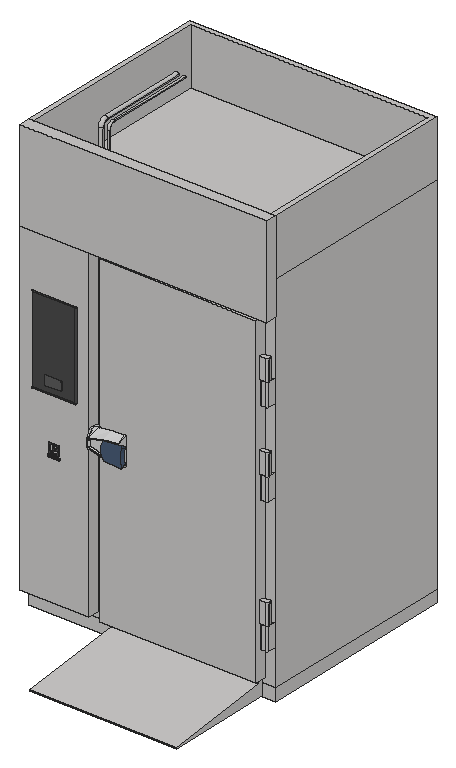
Revit family "QF_ELECTROLUXPROFESSIONAL_727748_EBFA22RDFE", category Specialty Equipment, Revit 2018
Family settings
  Round Connector Dimension = Use Diameter
  Part Type = Normal
  Work Plane-Based = No
  Always vertical = Yes
  Cut with Voids When Loaded = No
  Shared = Yes
  Room Calculation Point = No
Parameters
  Weight = 0.00 kg
  Watts = 0 W
  Volts = 380 V
  URL Manufacturer = "http://professional.electrolux.com"
  URL = "http://professional.electrolux.com"
  Steam Supply Size = 0"
  Steam Supply Minimum Pressure = 0.00 psi
  Steam Supply Maximum Pressure = 0.00 psi
  Steam Pounds per Hour = 0
  Show Logo [instance] = yes
  Refrigeration Suction Line Size = 0"
  Refrigeration Liquid Line Size = 0"
  Refrigerant Compressor Remote = yes
  Phase = 3
  Model = "EBFA22RDFE"
  Manufacturer = "Electrolux"
  Length Actual = 1400 mm  # constant formula
  Item Number = "727748"
  Hot Water Size = 0"
  Height Actual = 2340 mm  # constant formula
  HP = "8.6 HP"
  Gas Size = 0"
  Gas KW = 0
  Gas Input Pressure = 0.0 Btu/h
  Direct Waste Size = 3/4"
  Description = "SKYLINE CHILLS BLAST CHILLER FREEZER 200/170KG 20 GN 2/1 - ROLL-IN - DISASSEMBLED - INSULATED FLOOR - RAMP -REM.REF.UNIT"
  Depth Actual = 1266 mm  # constant formula
  Cycle = 60 Hz
  Condensate Return Size = 0"
  Compressed Air Volume = 0 GPM
  Compressed Air Size = 0"
  Compressed Air Pressure = 0.00 psi
  Cold Water Size = 0"
  Assembly Code = ""
  Show Clearance [instance] = yes
  Accessory = yes
Reference planes
  plane 1 "BACK": y = 1
  plane 2: z = 0
  plane 3 "LEFT": x = 0
  plane 4 "RIGHT": x = 1400
  plane 5 "FRONT": y = -1205
  plane 6 "TOP": z = 2470
  plane 7 "Center Y": x = 700
  plane 8 "Center X": y = -602
  plane 9: y = -2155
Forms (mm)
  Extrusion 1, solid, material "QF_Clearance", visible <- "Show Clearance", detail levels coarse
    sketch origin (0, 0, 0) x (1, 0, 0) y (0, 1, 0)
      loop
        line (0, -1205) -> (0, 1) -> (1400, 1) -> (1400, -1205) -> (1500, -1205) -> (1500, 101) -> (-100, 101) -> (-100, -1205) -> (0, -1205)
    from 0 to 2670
  Extrusion 2, solid, material "QF_Finishes_Stainless Steel"
    sketch origin (349.253, 33, 700.991) x (-1, 0, 0) y (0, -1, 0)
      loop
        line (349.253, 1172.759) -> (349.253, 1238) -> (-39.747, 1238) -> (-39.747, 1172.759) -> (349.253, 1172.759)
    from -597 to 1254
  Extrusion 3, solid, material "QF_Finishes_Stainless Steel"
    sketch origin (596.16, 27.971, 0) x (1, 0, 0) y (0, 1, 0)
      loop
        line (743.84, -1172.971) -> (-141.16, -1172.971) -> (-141.16, -1232.971) -> (743.84, -1232.971) -> (743.84, -1172.971)
    from 103.991 to 1945.25
  Extrusion 4, solid, material "QF_Door-Drawer Clearances", visible <- "Show Clearance", detail levels coarse
    sketch origin (875, -72.029, -21.802) x (-1, 0, 0) y (0, -1, 0)
      loop
        line (-465, 2025.971) -> (-465, 1132.971) -> (420, 1132.971)
        arc (420, 1132.971) -> (153.836, 1754.227) -> (-465, 2025.971) r 920
    from 125.793 to 1967.052
  Extrusion 5, solid, material "QF_Finishes_Stainless Steel"
    sketch origin (0, 0, 0) x (0, 1, 0) y (0, 0, 1)
      loop
        line (-1158.451, 70.453) -> (-1741.451, 1.966) -> (-1741.451, 0) -> (-1158.451, 0) -> (-1158.451, 70.453)
    from 485 to 1320
  Extrusion 6, solid, material "QF_Finishes_Stainless Steel"
    sketch origin (0, 0, 0) x (0, 1, 0) y (0, 0, 1)
      loop
        line (-1139, 70) -> (-1139, 0) -> (1, 0) -> (1, 70) -> (-1139, 70)
    from 0 to 1400
  Extrusion 7, solid, material "QF_Finishes_Stainless Steel"
    sketch origin (0, -1139.759, 70) x (0, 1, 0) y (-1, 0, 0)
      loop
        line (1140.759, 0) -> (0.759, 0) -> (0.759, -1400) -> (1140.759, -1400) -> (1140.759, 0)
    from 0 to 2080
  Extrusion 8, solid, material "QF_Finishes_Stainless Steel"
    sketch origin (0, 0, 0) x (0, 1, 0) y (0, 0, 1)
      loop
        line (-1139, 2470) -> (-1205, 2470) -> (-1205, 1956) -> (-1139, 1956) -> (-1139, 2470)
    from 0 to 1400
  Extrusion 9, solid, material "QF_Finishes_Stainless Steel"
    sketch origin (0, -1139.759, 2150) x (0, 1, 0) y (-1, 0, 0)
      loop
        line (1140.759, 0) -> (0.759, 0) -> (0.759, -27.807) -> (1112.952, -27.807) -> (1112.952, -1372.193) -> (0.759, -1372.193) -> (0.759, -1400) -> (1140.759, -1400) -> (1140.759, 0)
    from 0 to 320
  Extrusion 10, solid, material "QF_Finishes_Stainless Steel"
    sketch origin (0, 0, 0) x (0, 1, 0) y (0, 0, 1)
      loop
        line (-1139, 92) -> (-1158.451, 92) -> (-1158.451, 0) -> (-1139, 0) -> (-1139, 92)
    from 485 to 1320
  Extrusion 11, solid, material "QF_Clearance", visible <- "Show Clearance", detail levels coarse
    sketch origin (0, 0, 2470) x (-1, 0, 0) y (0, -1, 0)
      loop
        line (0, 1205) -> (-1400, 1205) -> (-1400, -1) -> (0, -1) -> (0, 1205)
    from 0 to 200
  Extrusion 12, solid, material "QF_Finishes_Stainless Steel"
    sketch origin (-390.239, -0.977, 1242.559) x (1, 0, 0) y (0, 1, 0)
      loop
        line (1730.239, -1159.557) -> (1730.239, -1186.759) -> (1771.078, -1186.759)
        arc (1771.078, -1186.759) -> (1778.149, -1183.83) -> (1781.078, -1176.759) r 10
        line (1781.078, -1176.759) -> (1781.078, -1169.557)
        arc (1781.078, -1169.557) -> (1778.149, -1162.486) -> (1771.078, -1159.557) r 10
        line (1771.078, -1159.557) -> (1730.239, -1159.557)
    from 398 to 516
  Extrusion 13, solid, material "QF_Finishes_Stainless Steel"
    sketch origin (-388.989, -0.977, 1242.559) x (1, 0, 0) y (0, 1, 0)
      loop
        line (1779.828, -1138.023) -> (1738.215, -1138.023) -> (1738.215, -1176.759)
        arc (1738.215, -1176.759) -> (1741.143, -1183.83) -> (1748.215, -1186.759) r 10
        line (1748.215, -1186.759) -> (1769.828, -1186.759)
        arc (1769.828, -1186.759) -> (1776.899, -1183.83) -> (1779.828, -1176.759) r 10
        line (1779.828, -1176.759) -> (1779.828, -1138.023)
    from 269 to 396
  Extrusion 14, solid, material "QF_Finishes_Handrails and Railings"
    sketch origin (0, -1205, -69.705) x (-1, 0, 0) y (0, 0, 1)
      loop
        arc (-455, 1022.346) -> (-433.392, 1027.289) -> (-413, 1035.976) r 124.815
        arc (-413, 1035.976) -> (-402.037, 1046.425) -> (-398, 1061.023) r 28.412
        line (-398, 1061.023) -> (-398, 1124.287)
        arc (-398, 1124.287) -> (-402.037, 1138.885) -> (-413, 1149.334) r 28.412
        arc (-413, 1149.334) -> (-433.392, 1158.021) -> (-455, 1162.964) r 124.815
        line (-455, 1162.964) -> (-455, 1022.346)
    from 0 to 25
  Extrusion 15, solid, material "QF_Finishes_Stainless Steel"
    sketch origin (0, 1, 0) x (1, 0, 0) y (0, 0, 1)
      loop
        circle (50.191, 2279.706) r 10
    from -2 to 0
  Extrusion 16, solid
    sketch origin (0, 0, 0) x (1, 0, 0) y (0, 1, 0)
      loop
        circle (271, -895) r 12.7
    from 180 to 190
  Sweep 17, solid, material "QF_Finishes_Stainless Steel"
    path in 3D
      loop
        line (196, -872.727, 2160) -> (196, -872.727, 2384.785)
        arc (196, -872.727, 2384.785) -> (196, -863.94, 2405.999) -> (196, -842.727, 2414.785) r 30
        line (196, -842.727, 2414.785) -> (196, -337, 2414.785)
    profile origin (196, -589.864, 2414.785) x (-1, 0, 0) y (0, 0, 1)
      loop
        circle (0, -0.785) r 11
  Sweep 18, solid, material "QF_Finishes_Stainless Steel"
    path in 3D
      loop
        line (239, -337, 2414) -> (239, -842.727, 2414)
        arc (239, -842.727, 2414) -> (239, -863.94, 2405.213) -> (239, -872.727, 2384) r 30
        line (239, -872.727, 2384) -> (239, -872.727, 2160)
    profile origin (239, -589.864, 2414) x (1, 0, 0) y (0, 0, 1)
      loop
        circle (0, 0) r 6
  Extrusion 19, solid, material "QF_Finishes_Stainless Steel"
    sketch origin (0, -1139.759, 2150) x (0, 1, 0) y (-1, 0, 0)
      loop
        line (272.791, -163.68) -> (262.791, -163.68)
        arc (262.791, -163.68) -> (252.185, -168.074) -> (247.791, -178.68) r 15
        line (247.791, -178.68) -> (247.791, -270.358)
        arc (247.791, -270.358) -> (252.185, -280.965) -> (262.791, -285.358) r 15
        line (262.791, -285.358) -> (272.791, -285.358)
        arc (272.791, -285.358) -> (283.398, -280.965) -> (287.791, -270.358) r 15
        line (287.791, -270.358) -> (287.791, -178.68)
        arc (287.791, -178.68) -> (283.398, -168.074) -> (272.791, -163.68) r 15
    from 0 to 10
  Blend 20, solid, material "QF_Finishes_Handrails and Railings"
    base sketch origin (0, -1205, -69.705) x (1, 0, 0) y (0, 0, 1)
      loop
        arc (455, 1162.964) -> (433.392, 1158.021) -> (413, 1149.334) r 124.815
        arc (413, 1149.334) -> (402.037, 1138.885) -> (398, 1124.287) r 28.412
        line (398, 1124.287) -> (398, 1061.023)
        arc (398, 1061.023) -> (402.037, 1046.425) -> (413, 1035.976) r 28.412
        arc (413, 1035.976) -> (433.392, 1027.289) -> (455, 1022.346) r 124.815
        arc (455, 1022.346) -> (524.77, 1014.896) -> (594.859, 1011.587) r 1185.63
        arc (594.859, 1011.587) -> (600.607, 1013.879) -> (603, 1019.586) r 8
        line (603, 1019.586) -> (603, 1165.724)
        arc (603, 1165.724) -> (600.607, 1171.431) -> (594.859, 1173.723) r 8
        arc (594.859, 1173.723) -> (524.77, 1170.414) -> (455, 1162.964) r 1185.63
    top sketch origin (0, -1205, -69.705) x (1, 0, 0) y (0, 0, 1)
      loop
        line (421, 1108.337) -> (421, 1076.973)
        arc (421, 1076.973) -> (423.295, 1069.915) -> (429.302, 1065.557) r 12
        arc (429.302, 1065.557) -> (515.086, 1044.22) -> (603, 1034.974) r 636.459
        line (603, 1034.974) -> (603, 1150.336)
        arc (603, 1150.336) -> (515.086, 1141.09) -> (429.302, 1119.753) r 636.459
        arc (429.302, 1119.753) -> (423.295, 1115.395) -> (421, 1108.337) r 12
    from 0 to 50
  Blend 21, void
    base sketch origin (0, -1255, -69.705) x (-1, 0, 0) y (0, 0, 1)
      loop
        arc (-430.843, 1114.996) -> (-515.866, 1136.151) -> (-603, 1145.333) r 631.459
        line (-603, 1145.333) -> (-603, 1039.977)
        arc (-603, 1039.977) -> (-515.866, 1049.159) -> (-430.843, 1070.314) r 631.459
        arc (-430.843, 1070.314) -> (-427.339, 1072.856) -> (-426, 1076.973) r 7
        line (-426, 1076.973) -> (-426, 1108.337)
        arc (-426, 1108.337) -> (-427.339, 1112.454) -> (-430.843, 1114.996) r 7
    top sketch origin (0, -1255, -69.705) x (-1, 0, 0) y (0, 0, 1)
      loop
        arc (-432.384, 1110.24) -> (-516.647, 1131.211) -> (-603, 1140.33) r 626.459
        line (-603, 1140.33) -> (-603, 1044.98)
        arc (-603, 1044.98) -> (-516.647, 1054.099) -> (-432.384, 1075.07) r 626.459
        arc (-432.384, 1075.07) -> (-431.382, 1075.797) -> (-431, 1076.973) r 2
        line (-431, 1076.973) -> (-431, 1108.337)
        arc (-431, 1108.337) -> (-431.382, 1109.513) -> (-432.384, 1110.24) r 2
    from 0 to 10
  Blend 22, solid, material "QF_Finishes_Electrolux_Blue"
    base sketch origin (0, -1245, -69.705) x (1, 0, 0) y (0, 0, 1)
      loop
        arc (628.567, 1043.419) -> (622.014, 1092.655) -> (628.567, 1141.89) r 188.232
        arc (628.567, 1141.89) -> (627.358, 1147.991) -> (621.77, 1150.721) r 7
        arc (621.77, 1150.721) -> (572.304, 1148.509) -> (523.16, 1142.458) r 636.459
        arc (523.16, 1142.458) -> (507.711, 1092.655) -> (523.16, 1042.852) r 88
        arc (523.16, 1042.852) -> (572.304, 1036.801) -> (621.77, 1034.589) r 636.459
        arc (621.77, 1034.589) -> (627.358, 1037.319) -> (628.567, 1043.419) r 7
    top sketch origin (0, -1245, -69.705) x (1, 0, 0) y (0, 0, 1)
      loop
        arc (626.748, 1050.703) -> (622.014, 1092.655) -> (626.748, 1134.607) r 188.232
        arc (626.748, 1134.607) -> (625.775, 1138.85) -> (621.845, 1140.722) r 5
        arc (621.845, 1140.722) -> (569.023, 1138.185) -> (516.603, 1131.203) r 626.459
        arc (516.603, 1131.203) -> (507.711, 1092.655) -> (516.603, 1054.107) r 88
        arc (516.603, 1054.107) -> (569.023, 1047.124) -> (621.845, 1044.588) r 626.459
        arc (621.845, 1044.588) -> (625.775, 1046.46) -> (626.748, 1050.703) r 5
    from 20 to 0
  Extrusion 23, solid, material "QF_Finishes_Stainless Steel"
    sketch origin (-390.239, -0.977, 762.559) x (1, 0, 0) y (0, 1, 0)
      loop
        line (1730.239, -1159.557) -> (1730.239, -1186.759) -> (1771.078, -1186.759)
        arc (1771.078, -1186.759) -> (1778.149, -1183.83) -> (1781.078, -1176.759) r 10
        line (1781.078, -1176.759) -> (1781.078, -1169.557)
        arc (1781.078, -1169.557) -> (1778.149, -1162.486) -> (1771.078, -1159.557) r 10
        line (1771.078, -1159.557) -> (1730.239, -1159.557)
    from 398 to 516
  Extrusion 24, solid, material "QF_Finishes_Stainless Steel"
    sketch origin (-388.989, -0.977, 762.559) x (1, 0, 0) y (0, 1, 0)
      loop
        line (1779.828, -1138.023) -> (1738.215, -1138.023) -> (1738.215, -1176.759)
        arc (1738.215, -1176.759) -> (1741.143, -1183.83) -> (1748.215, -1186.759) r 10
        line (1748.215, -1186.759) -> (1769.828, -1186.759)
        arc (1769.828, -1186.759) -> (1776.899, -1183.83) -> (1779.828, -1176.759) r 10
        line (1779.828, -1176.759) -> (1779.828, -1138.023)
    from 269 to 396
  Extrusion 25, solid, material "QF_Finishes_Stainless Steel"
    sketch origin (-390.239, -0.977, 2.559) x (1, 0, 0) y (0, 1, 0)
      loop
        line (1730.239, -1159.557) -> (1730.239, -1186.759) -> (1771.078, -1186.759)
        arc (1771.078, -1186.759) -> (1778.149, -1183.83) -> (1781.078, -1176.759) r 10
        line (1781.078, -1176.759) -> (1781.078, -1169.557)
        arc (1781.078, -1169.557) -> (1778.149, -1162.486) -> (1771.078, -1159.557) r 10
        line (1771.078, -1159.557) -> (1730.239, -1159.557)
    from 398 to 516
  Extrusion 26, solid, material "QF_Finishes_Stainless Steel"
    sketch origin (-388.989, -0.977, 2.559) x (1, 0, 0) y (0, 1, 0)
      loop
        line (1779.828, -1138.023) -> (1738.215, -1138.023) -> (1738.215, -1176.759)
        arc (1738.215, -1176.759) -> (1741.143, -1183.83) -> (1748.215, -1186.759) r 10
        line (1748.215, -1186.759) -> (1769.828, -1186.759)
        arc (1769.828, -1186.759) -> (1776.899, -1183.83) -> (1779.828, -1176.759) r 10
        line (1779.828, -1176.759) -> (1779.828, -1138.023)
    from 269 to 396
  Extrusion 27, solid, material "QF_Door-Drawer Clearances", visible <- "Show Clearance", detail levels coarse
    sketch origin (167.029, -1956.84, 0) x (0, 1, 0) y (-1, 0, 0)
      loop
        line (751.84, -1172.971) -> (-141.16, -1172.971) -> (-141.16, -1232.971) -> (751.84, -1232.971) -> (751.84, -1172.971)
    from 103.991 to 1945.25
  Extrusion 28, solid, material "QF_Door-Drawer Clearances", visible <- "Show Clearance", detail levels coarse
    sketch origin (1400, -2553, -69.705) x (0, -1, 0) y (0, 0, 1)
      loop
        arc (-455, 1022.346) -> (-433.392, 1027.289) -> (-413, 1035.976) r 124.815
        arc (-413, 1035.976) -> (-402.037, 1046.425) -> (-398, 1061.023) r 28.412
        line (-398, 1061.023) -> (-398, 1124.287)
        arc (-398, 1124.287) -> (-402.037, 1138.885) -> (-413, 1149.334) r 28.412
        arc (-413, 1149.334) -> (-433.392, 1158.021) -> (-455, 1162.964) r 124.815
        line (-455, 1162.964) -> (-455, 1022.346)
    from 0 to 25
  Blend 29, solid, material "QF_Door-Drawer Clearances", visible <- "Show Clearance", detail levels coarse
    base sketch origin (1400, -2553, -69.705) x (0, 1, 0) y (0, 0, 1)
      loop
        arc (455, 1162.964) -> (433.392, 1158.021) -> (413, 1149.334) r 124.815
        arc (413, 1149.334) -> (402.037, 1138.885) -> (398, 1124.287) r 28.412
        line (398, 1124.287) -> (398, 1061.023)
        arc (398, 1061.023) -> (402.037, 1046.425) -> (413, 1035.976) r 28.412
        arc (413, 1035.976) -> (433.392, 1027.289) -> (455, 1022.346) r 124.815
        arc (455, 1022.346) -> (524.77, 1014.896) -> (594.859, 1011.587) r 1185.63
        arc (594.859, 1011.587) -> (600.607, 1013.879) -> (603, 1019.586) r 8
        line (603, 1019.586) -> (603, 1165.724)
        arc (603, 1165.724) -> (600.607, 1171.431) -> (594.859, 1173.723) r 8
        arc (594.859, 1173.723) -> (524.77, 1170.414) -> (455, 1162.964) r 1185.63
    top sketch origin (1400, -2553, -69.705) x (0, 1, 0) y (0, 0, 1)
      loop
        line (421, 1108.337) -> (421, 1076.973)
        arc (421, 1076.973) -> (423.295, 1069.915) -> (429.302, 1065.557) r 12
        arc (429.302, 1065.557) -> (515.086, 1044.22) -> (603, 1034.974) r 636.459
        line (603, 1034.974) -> (603, 1150.336)
        arc (603, 1150.336) -> (515.086, 1141.09) -> (429.302, 1119.753) r 636.459
        arc (429.302, 1119.753) -> (423.295, 1115.395) -> (421, 1108.337) r 12
    from 0 to 50
  Blend 30, void
    base sketch origin (1450, -2553, -69.705) x (0, -1, 0) y (0, 0, 1)
      loop
        arc (-430.843, 1114.996) -> (-515.866, 1136.151) -> (-603, 1145.333) r 631.459
        line (-603, 1145.333) -> (-603, 1039.977)
        arc (-603, 1039.977) -> (-515.866, 1049.159) -> (-430.843, 1070.314) r 631.459
        arc (-430.843, 1070.314) -> (-427.339, 1072.856) -> (-426, 1076.973) r 7
        line (-426, 1076.973) -> (-426, 1108.337)
        arc (-426, 1108.337) -> (-427.339, 1112.454) -> (-430.843, 1114.996) r 7
    top sketch origin (1450, -2553, -69.705) x (0, -1, 0) y (0, 0, 1)
      loop
        arc (-432.384, 1110.24) -> (-516.647, 1131.211) -> (-603, 1140.33) r 626.459
        line (-603, 1140.33) -> (-603, 1044.98)
        arc (-603, 1044.98) -> (-516.647, 1054.099) -> (-432.384, 1075.07) r 626.459
        arc (-432.384, 1075.07) -> (-431.382, 1075.797) -> (-431, 1076.973) r 2
        line (-431, 1076.973) -> (-431, 1108.337)
        arc (-431, 1108.337) -> (-431.382, 1109.513) -> (-432.384, 1110.24) r 2
    from 0 to 10
  Blend 31, solid, material "QF_Door-Drawer Clearances", visible <- "Show Clearance", detail levels coarse
    base sketch origin (1440, -2553, -69.705) x (0, 1, 0) y (0, 0, 1)
      loop
        arc (628.567, 1043.419) -> (622.014, 1092.655) -> (628.567, 1141.89) r 188.232
        arc (628.567, 1141.89) -> (627.358, 1147.991) -> (621.77, 1150.721) r 7
        arc (621.77, 1150.721) -> (572.304, 1148.509) -> (523.16, 1142.458) r 636.459
        arc (523.16, 1142.458) -> (507.711, 1092.655) -> (523.16, 1042.852) r 88
        arc (523.16, 1042.852) -> (572.304, 1036.801) -> (621.77, 1034.589) r 636.459
        arc (621.77, 1034.589) -> (627.358, 1037.319) -> (628.567, 1043.419) r 7
    top sketch origin (1440, -2553, -69.705) x (0, 1, 0) y (0, 0, 1)
      loop
        arc (626.748, 1050.703) -> (622.014, 1092.655) -> (626.748, 1134.607) r 188.232
        arc (626.748, 1134.607) -> (625.775, 1138.85) -> (621.845, 1140.722) r 5
        arc (621.845, 1140.722) -> (569.023, 1138.185) -> (516.603, 1131.203) r 626.459
        arc (516.603, 1131.203) -> (507.711, 1092.655) -> (516.603, 1054.107) r 88
        arc (516.603, 1054.107) -> (569.023, 1047.124) -> (621.845, 1044.588) r 626.459
        arc (621.845, 1044.588) -> (625.775, 1046.46) -> (626.748, 1050.703) r 5
    from 20 to -1
Cuts and joins
  joined: Extrusion 1, Extrusion 11
  joined: Extrusion 5, Extrusion 10
  Blend 21 cuts Extrusion 3
  joined: Extrusion 3, Extrusion 12, Extrusion 23, Extrusion 25
  Blend 21 cuts Extrusion 7
  joined: Extrusion 7, Extrusion 13, Sweep 17, Sweep 18, Extrusion 19, Extrusion 24, Extrusion 26
  Blend 21, Blend 30 cuts Extrusion 14
  Blend 21, Blend 30 cuts Blend 20
  joined: Extrusion 14, Blend 20
  Blend 30 cuts Extrusion 4
  Blend 30 cuts Blend 29
  joined: Extrusion 4, Extrusion 27, Extrusion 28, Blend 29, Blend 31
  joined: Extrusion 9, Extrusion 15
Lines and regions (mm)
  symbolic lines, style "QF-Clearances", visible <- "Show Clearance", detail levels coarse
    curve 1: line (-100, -1204.241, 70) -> (-100, 101, 70)
    curve 2: line (-100, 101, 70) -> (1500, 101, 70)
    curve 3: line (1500, 101, 70) -> (1500, -1204.241, 70)
  symbolic lines
    curve 4: line (1320, -1205, 70) -> (1320, -1741.451, 70)
    curve 5: line (1320, -1741.451, 70) -> (485, -1741.451, 70)
    curve 6: line (485, -1741.451, 70) -> (485, -1255, 70)
    curve 13: line (185, -336.968, 70) -> (207, -336.968, 70)
    curve 14: line (207, -336.968, 70) -> (207, -871.942, 70)
    curve 15: line (233, -872.727, 70) -> (233, -337, 70)
    curve 16: line (233, -337, 70) -> (245, -337, 70)
    curve 17: line (245, -337, 70) -> (245, -872.727, 70)
    curve 18: line (245, -851.968, 70) -> (270.358, -851.968, 70)
    curve 19: arc (285.358, -866.968, 70) -> (280.965, -856.361, 70) -> (270.358, -851.968, 70) r 15
    curve 20: line (285.358, -876.968, 70) -> (285.358, -866.968, 70)
    curve 21: arc (270.358, -891.968, 70) -> (280.965, -887.575, 70) -> (285.358, -876.968, 70) r 15
    curve 22: line (178.68, -891.968, 70) -> (270.358, -891.968, 70)
    curve 23: arc (163.68, -876.968, 70) -> (168.074, -887.575, 70) -> (178.68, -891.968, 70) r 15
    curve 24: line (163.68, -866.968, 70) -> (163.68, -876.968, 70)
    curve 25: arc (178.68, -851.968, 70) -> (168.074, -856.361, 70) -> (163.68, -866.968, 70) r 15
    curve 26: arc (207, -871.942, 70) -> (196, -882.942, 70) -> (185, -871.942, 70) r 11
    curve 27: arc (233, -872.727, 70) -> (239, -878.727, 70) -> (245, -872.727, 70) r 6
    curve 28: line (178.68, -851.968, 70) -> (185, -851.968, 70)
    curve 29: line (185, -336.968, 70) -> (185, -871.942, 70)
    curve 30: line (207, -851.968, 70) -> (233, -851.968, 70)
    curve 31: line (0, 1, 70) -> (1400, 1, 70)
    curve 32: line (0, -1205, 70) -> (0, 1, 70)
    curve 33: line (1400, -1205, 70) -> (0, -1205, 70)
    curve 34: line (1400, 1, 70) -> (1400, -1205, 70)
    curve 35: line (27.807, -26.807, 70) -> (1372.193, -26.807, 70)
    curve 36: line (27.807, -1139, 70) -> (27.807, -26.807, 70)
    curve 37: line (1400, -1139, 70) -> (0, -1139, 70)
    curve 38: line (1372.193, -26.807, 70) -> (1372.193, -1139, 70)
    curve 39: line (75.5, -1210, 70) -> (313.5, -1210, 70)
    curve 40: line (75.5, -1210, 70) -> (67.5, -1205, 70)
    curve 41: line (313.5, -1210, 70) -> (321.5, -1205, 70)
    curve 42: line (421, -1255, 70) -> (398, -1205, 70)
    curve 43: line (421, -1255, 70) -> (603, -1255, 70)
    curve 44: line (603, -1255, 70) -> (603, -1205, 70)
    curve 45: line (603, -1245, 70) -> (626.748, -1245, 70)
    curve 46: line (626.748, -1245, 70) -> (628.811, -1265, 70)
    curve 47: line (628.811, -1265, 70) -> (507.711, -1265, 70)
    curve 48: line (507.711, -1265, 70) -> (507.711, -1255, 70)
  sketch lines
    curve 7: line (196, -842.727, 2414.785) -> (196, -337, 2414.785)
    curve 8: arc (196, -872.727, 2384.785) -> (196, -863.94, 2405.999) -> (196, -842.727, 2414.785) r 30
    curve 9: line (196, -872.727, 2160) -> (196, -872.727, 2384.785)
    curve 10: line (239, -337, 2414) -> (239, -842.727, 2414)
    curve 11: arc (239, -842.727, 2414) -> (239, -863.94, 2405.213) -> (239, -872.727, 2384) r 30
    curve 12: line (239, -872.727, 2384) -> (239, -872.727, 2160)
  symbolic lines, style "QF_Door-Drawer Clearances", visible <- "Show Clearance"
    curve 49: line (1450, -2132, 70) -> (1400, -2155, 70)
    curve 50: line (1450, -2132, 70) -> (1450, -1950, 70)
    curve 51: line (1450, -1950, 70) -> (1400, -1950, 70)
    curve 52: line (1439, -1950, 70) -> (1439, -1926.126, 70)
    curve 53: line (1439, -1926.126, 70) -> (1460, -1924.189, 70)
    curve 54: line (1460, -1924.189, 70) -> (1460, -2045.289, 70)
    curve 55: line (1460, -2045.289, 70) -> (1450, -2045.289, 70)
    curve 56: line (1375, -2098, 70) -> (1375, -2155, 70)
    curve 57: line (1340, -2098, 70) -> (1400, -2098, 70)
    curve 58: arc (457.796, -1255, 70) -> (739.031, -1843.801, 70) -> (1340, -2098, 70) r 920
    curve 59: line (1400, -2155, 70) -> (1375, -2155, 70)
    curve 60: line (1400, -2098, 70) -> (1400, -1205, 70)
    curve 61: line (1340, -2098, 70) -> (1340, -1205, 70)
Dimensions and locks
  plane 5 "FRONT" to plane 1 "BACK" = 1206 mm
  plane 6 "TOP" to level = 2470 mm
  plane 4 "RIGHT" to plane 3 "LEFT" = 1400 mm
  plane 3 "LEFT" to plane 4 "RIGHT" = 1400 mm
  equal spacing: plane 3 "LEFT", plane 7 "Center Y", plane 4 "RIGHT"
  equal spacing: plane 1 "BACK", plane 8 "Center X", plane 5 "FRONT"
  Extrusion 5 sketch curve to Extrusion 5 sketch curve = 583 mm
  Extrusion 4 sketch curve to plane 1 "BACK" = 2099 mm
  Extrusion 16 sketch curve to plane 1 "BACK" = 896 mm
  plane 3 "LEFT" to Extrusion 16 sketch curve = 271 mm
  angle Extrusion 5 sketch curve to Extrusion 5 sketch curve = 6.70°
  aligned and locked: level to plane 2
Automatic sketch dimensions
  plane 5 "FRONT" to Extrusion 1 sketch curve = 0 mm  (x2)
  Extrusion 1 sketch curve to plane 3 "LEFT" = 0 mm
  plane 1 "BACK" to Extrusion 1 sketch curve = 0 mm
  Extrusion 1 sketch curve to plane 4 "RIGHT" = 0 mm
  Extrusion 1 sketch curve to plane 3 "LEFT" = 100 mm
  plane 4 "RIGHT" to Extrusion 1 sketch curve = 100 mm
  Extrusion 1 sketch curve to plane 1 "BACK" = 100 mm
  plane 5 "FRONT" to Extrusion 2 sketch curve = 0 mm
  Extrusion 2 sketch curve to plane 3 "LEFT" = 0 mm
  Extrusion 2 sketch curve to plane 5 "FRONT" = 65.241 mm
  plane 5 "FRONT" to Extrusion 3 sketch curve = 0 mm
  Extrusion 3 sketch curve to plane 5 "FRONT" = 60 mm
  Extrusion 3 sketch curve to plane 4 "RIGHT" = 60 mm
  Extrusion 5 sketch curve to level = 0 mm
  level to Extrusion 5 sketch curve = 1.966 mm
  Extrusion 5 sketch curve to plane 9 = 413.549 mm
  Extrusion 6 sketch curve to level = 0 mm
  Extrusion 6 sketch curve to plane 1 "BACK" = 0 mm
  Extrusion 6 sketch curve to plane 5 "FRONT" = 66 mm
  Extrusion 6 sketch curve to Extrusion 6 sketch curve = 70 mm
  Extrusion 7 sketch curve to Extrusion 6 = 0 mm  (x3)
  Extrusion 6 to Extrusion 7 sketch curve = 0 mm
  Extrusion 8 sketch curve to plane 5 "FRONT" = 0 mm
  Extrusion 8 sketch curve to plane 6 "TOP" = 0 mm
  Extrusion 8 sketch curve to plane 5 "FRONT" = 66 mm
  Extrusion 8 sketch curve to Extrusion 8 sketch curve = 514 mm
  Extrusion 7 to Extrusion 9 sketch curve = 0 mm
  Extrusion 9 sketch curve to Extrusion 7 = 0 mm  (x4)
  Extrusion 9 sketch curve to Extrusion 7 = 27.807 mm  (x3)
  Extrusion 10 sketch curve to level = 0 mm
  Extrusion 10 sketch curve to plane 5 "FRONT" = 46.549 mm
  Extrusion 10 sketch curve to Extrusion 10 sketch curve = 19.451 mm
  Extrusion 10 sketch curve to Extrusion 10 sketch curve = 92 mm
  Extrusion 11 sketch curve to plane 4 "RIGHT" = 0 mm
  plane 1 "BACK" to Extrusion 11 sketch curve = 0 mm
  Extrusion 11 sketch curve to plane 3 "LEFT" = 0 mm
  plane 5 "FRONT" to Extrusion 11 sketch curve = 0 mm
  Extrusion 12 sketch curve to plane 5 "FRONT" = 17.264 mm
  Extrusion 12 sketch curve to plane 4 "RIGHT" = 60 mm
  Extrusion 12 sketch curve to plane 4 "RIGHT" = 19.161 mm
  Extrusion 12 sketch curve to Extrusion 12 sketch curve = 0 mm
  Extrusion 12 sketch curve to plane 4 "RIGHT" = 9.161 mm
  Extrusion 12 sketch curve to Extrusion 12 sketch curve = 7.202 mm
  Extrusion 13 sketch curve to plane 5 "FRONT" = 27.264 mm
  Extrusion 13 sketch curve to plane 4 "RIGHT" = 50.775 mm
  Extrusion 13 sketch curve to Extrusion 13 sketch curve = 10 mm
  Extrusion 13 sketch curve to plane 4 "RIGHT" = 19.161 mm
  Extrusion 13 sketch curve to plane 4 "RIGHT" = 9.161 mm
  Extrusion 13 sketch curve to Extrusion 13 sketch curve = 38.736 mm
  plane 7 "Center Y" to Extrusion 14 sketch curve = 228.081 mm
  Extrusion 14 sketch curve to Extrusion 14 sketch curve = 0 mm
  Extrusion 14 sketch curve to Extrusion 14 sketch curve = 16.919 mm
  Extrusion 14 sketch curve to Extrusion 14 sketch curve = 28.588 mm  (x2)
  Extrusion 14 sketch curve to Extrusion 14 sketch curve = 28.412 mm
  level to Extrusion 14 sketch curve = 952.641 mm
  Extrusion 14 sketch curve to Extrusion 14 sketch curve = 16.954 mm  (x2)
  Extrusion 14 sketch curve to Extrusion 14 sketch curve = 38.676 mm
  Extrusion 14 sketch curve to Extrusion 14 sketch curve = 63.265 mm
  Extrusion 14 sketch curve to Extrusion 14 sketch curve = 21.722 mm
  Sweep 17 sketch curve to profile plane = 0 mm
  Sweep 17 sketch curve to profile plane = 0.785 mm
  profile plane to Sweep 18 sketch curve = 0 mm
  Sweep 18 sketch curve to profile plane = 0 mm
  Extrusion 19 sketch curve to Extrusion 7 = 247.032 mm
  Extrusion 19 sketch curve to Extrusion 19 sketch curve = 15 mm  (x3)
  Extrusion 19 sketch curve to Extrusion 19 sketch curve = 10 mm  (x2)
  Extrusion 19 sketch curve to Extrusion 7 = 285.358 mm
  Extrusion 19 sketch curve to Extrusion 19 sketch curve = 91.678 mm
  Blend 20 sketch curve to Extrusion 14 = 0 mm  (x4)
  Blend 20 sketch curve to Extrusion 14 = 28.412 mm
  Blend 20 sketch curve to Blend 20 sketch curve = 123.081 mm  (x2)
  Blend 20 sketch curve to Blend 20 sketch curve = 8 mm
  Extrusion 14 to Blend 20 sketch curve = 160.712 mm  (x2)
  Blend 20 sketch curve to Blend 20 sketch curve = 19.715 mm  (x2)
  Blend 20 sketch curve to Blend 20 sketch curve = 38.676 mm
  Blend 20 sketch curve to Extrusion 14 = 23 mm
  Blend 20 sketch curve to Blend 20 sketch curve = 12 mm  (x2)
  Extrusion 14 to Blend 20 sketch curve = 148 mm
  Extrusion 14 to Blend 20 sketch curve = 170.45 mm  (x2)
  Blend 20 sketch curve to Blend 20 sketch curve = 520.701 mm  (x2)
  Blend 20 sketch curve to Blend 20 sketch curve = 41.999 mm
  Blend 20 sketch curve to Blend 20 sketch curve = 31.364 mm
  Blend 20 sketch curve to Blend 20 sketch curve = 115.362 mm
  Blend 20 to Blend 21 sketch curve = 0 mm  (x2)
  Blend 21 sketch curve to Blend 21 sketch curve = 7 mm
  Blend 21 sketch curve to Blend 21 sketch curve = 31.364 mm  (x2)
  Blend 21 sketch curve to Blend 21 sketch curve = 2 mm
  Blend 21 to Blend 22 sketch curve = 18.811 mm  (x2)
  Blend 22 sketch curve to Blend 21 = 7.289 mm  (x2)
  Blend 22 sketch curve to Blend 22 sketch curve = 188.435 mm
  Blend 22 sketch curve to Blend 22 sketch curve = 7 mm  (x2)
  Blend 22 sketch curve to Blend 22 sketch curve = 51.066 mm  (x2)
  Blend 22 sketch curve to Blend 22 sketch curve = 0 mm  (x6)
  Blend 22 sketch curve to Blend 21 = 79.84 mm
  Blend 21 to Blend 22 sketch curve = 18.874 mm  (x2)
  Blend 22 sketch curve to Blend 22 sketch curve = 188.371 mm
  Blend 22 sketch curve to Blend 22 sketch curve = 5 mm  (x2)
  Blend 22 sketch curve to Blend 22 sketch curve = 43.067 mm  (x2)
  Blend 22 sketch curve to Blend 21 = 85.603 mm
  Extrusion 23 sketch curve to plane 5 "FRONT" = 17.264 mm
  Extrusion 23 sketch curve to plane 4 "RIGHT" = 60 mm
  Extrusion 23 sketch curve to plane 4 "RIGHT" = 19.161 mm
  Extrusion 23 sketch curve to Extrusion 23 sketch curve = 0 mm
  Extrusion 23 sketch curve to plane 4 "RIGHT" = 9.161 mm
  Extrusion 23 sketch curve to Extrusion 23 sketch curve = 7.202 mm
  Extrusion 24 sketch curve to plane 5 "FRONT" = 27.264 mm
  Extrusion 24 sketch curve to plane 4 "RIGHT" = 50.775 mm
  Extrusion 24 sketch curve to Extrusion 24 sketch curve = 10 mm
  Extrusion 24 sketch curve to plane 4 "RIGHT" = 19.161 mm
  Extrusion 24 sketch curve to plane 4 "RIGHT" = 9.161 mm
  Extrusion 24 sketch curve to Extrusion 24 sketch curve = 38.736 mm
  Extrusion 25 sketch curve to plane 5 "FRONT" = 17.264 mm
  Extrusion 25 sketch curve to plane 4 "RIGHT" = 60 mm
  Extrusion 25 sketch curve to plane 4 "RIGHT" = 19.161 mm
  Extrusion 25 sketch curve to Extrusion 25 sketch curve = 0 mm
  Extrusion 25 sketch curve to plane 4 "RIGHT" = 9.161 mm
  Extrusion 25 sketch curve to Extrusion 25 sketch curve = 7.202 mm
  Extrusion 26 sketch curve to plane 5 "FRONT" = 27.264 mm
  Extrusion 26 sketch curve to plane 4 "RIGHT" = 50.775 mm
  Extrusion 26 sketch curve to Extrusion 26 sketch curve = 10 mm
  Extrusion 26 sketch curve to plane 4 "RIGHT" = 19.161 mm
  Extrusion 26 sketch curve to plane 4 "RIGHT" = 9.161 mm
  Extrusion 26 sketch curve to Extrusion 26 sketch curve = 38.736 mm
  Extrusion 27 sketch curve to plane 9 = 57 mm
  plane 5 "FRONT" to Extrusion 27 sketch curve = 0 mm
  Extrusion 27 sketch curve to plane 7 "Center Y" = 700 mm
  Extrusion 27 sketch curve to Extrusion 27 sketch curve = 60 mm
  Extrusion 28 sketch curve to plane 9 = 73.919 mm
  Extrusion 28 sketch curve to Extrusion 28 sketch curve = 0 mm
  Extrusion 28 sketch curve to Extrusion 28 sketch curve = 16.919 mm
  Extrusion 28 sketch curve to Extrusion 28 sketch curve = 28.588 mm  (x2)
  Extrusion 28 sketch curve to Extrusion 28 sketch curve = 28.412 mm
  level to Extrusion 28 sketch curve = 952.641 mm
  Extrusion 28 sketch curve to Extrusion 28 sketch curve = 16.954 mm  (x2)
  Extrusion 28 sketch curve to Extrusion 28 sketch curve = 38.676 mm
  Extrusion 28 sketch curve to Extrusion 28 sketch curve = 63.265 mm
  Extrusion 28 sketch curve to Extrusion 28 sketch curve = 21.722 mm
  Blend 29 sketch curve to Extrusion 28 = 0 mm  (x4)
  Blend 29 sketch curve to Extrusion 28 = 28.412 mm
  Blend 29 sketch curve to Blend 29 sketch curve = 123.081 mm  (x2)
  Blend 29 sketch curve to Blend 29 sketch curve = 8 mm
  Extrusion 28 to Blend 29 sketch curve = 160.712 mm  (x2)
  Blend 29 sketch curve to Blend 29 sketch curve = 19.715 mm  (x2)
  Blend 29 sketch curve to Blend 29 sketch curve = 38.676 mm
  Blend 29 sketch curve to Extrusion 28 = 23 mm
  Blend 29 sketch curve to Blend 29 sketch curve = 12 mm  (x2)
  Extrusion 28 to Blend 29 sketch curve = 148 mm
  Extrusion 28 to Blend 29 sketch curve = 170.45 mm  (x2)
  Blend 29 sketch curve to Blend 29 sketch curve = 520.701 mm  (x2)
  Blend 29 sketch curve to Blend 29 sketch curve = 41.999 mm
  Blend 29 sketch curve to Blend 29 sketch curve = 31.364 mm
  Blend 29 sketch curve to Blend 29 sketch curve = 115.362 mm
  Blend 30 sketch curve to Blend 29 = 0 mm  (x2)
  Blend 30 sketch curve to Blend 30 sketch curve = 7 mm
  Blend 30 sketch curve to Blend 30 sketch curve = 31.364 mm  (x2)
  Blend 30 sketch curve to Blend 30 sketch curve = 2 mm
  Blend 30 to Blend 31 sketch curve = 18.811 mm  (x2)
  Blend 31 sketch curve to Blend 30 = 7.289 mm  (x2)
  Blend 31 sketch curve to Blend 31 sketch curve = 188.435 mm
  Blend 31 sketch curve to Blend 31 sketch curve = 7 mm  (x2)
  Blend 31 sketch curve to Blend 31 sketch curve = 51.066 mm  (x2)
  Blend 31 sketch curve to Blend 31 sketch curve = 0 mm  (x6)
  Blend 31 sketch curve to Blend 30 = 79.84 mm
  Blend 30 to Blend 31 sketch curve = 18.874 mm  (x2)
  Blend 31 sketch curve to Blend 31 sketch curve = 188.371 mm
  Blend 31 sketch curve to Blend 31 sketch curve = 5 mm  (x2)
  Blend 31 sketch curve to Blend 31 sketch curve = 43.067 mm  (x2)
  Blend 31 sketch curve to Blend 30 = 85.603 mm
  plane 5 "FRONT" to Extrusion 4 sketch curve = 0 mm
  Extrusion 4 sketch curve to plane 4 "RIGHT" = 60 mm
  Extrusion 4 sketch curve to Extrusion 4 sketch curve = 34.623 mm
  Extrusion 4 sketch curve to plane 5 "FRONT" = 26.348 mm
  plane 3 "LEFT" to Extrusion 15 sketch curve = 50.191 mm
  Extrusion 15 sketch curve to plane 6 "TOP" = 190.294 mm
  plane 7 "Center Y" to Extrusion 2 sketch curve = 311 mm
  plane 7 "Center Y" to Extrusion 3 sketch curve = 245 mm
  curve 49 to Extrusion 6 = 0 mm
  curve 51 to Extrusion 6 = 0 mm
  curve 33 to Extrusion 6 = 0 mm
  curve 31 to Extrusion 6 = 0 mm
  Extrusion 6 to curve 36 = 27.807 mm  (x2)
  Extrusion 6 to curve 13 = 337.968 mm
  curve 15 to curve 13 = 0.032 mm
  curve 28 to Extrusion 6 = 287.032 mm
  curve 28 to curve 18 = 0 mm
  curve 19 to curve 18 = 15 mm
  curve 25 to curve 25 = 15 mm
  curve 29 to curve 25 = 4.974 mm
  curve 17 to curve 18 = 20.759 mm
  curve 24 to curve 25 = 10 mm
  curve 21 to curve 19 = 10 mm
  curve 22 to curve 21 = 15 mm
  Extrusion 6 to curve 58 = 39.652 mm
  Extrusion 6 to curve 32 = 66 mm
  curve 41 to curve 41 = 5 mm
  curve 46 to curve 44 = 40 mm
  curve 42 to curve 42 = 50 mm
  curve 46 to curve 45 = 20 mm
  Extrusion 6 to curve 4 = 80 mm
  curve 4 to curve 4 = 536.451 mm
  curve 53 to Extrusion 6 = 60 mm
  curve 53 to curve 4 = 182.738 mm
  curve 53 to Extrusion 6 = 39 mm
  curve 53 to curve 53 = 1.937 mm
  curve 51 to curve 52 = 23.874 mm
  curve 55 to curve 50 = 95.289 mm
  Extrusion 6 to curve 57 = 60 mm
  curve 57 to curve 55 = 52.711 mm
  curve 50 to curve 57 = 34 mm
  Extrusion 6 to curve 56 = 25 mm
  curve 56 to curve 56 = 57 mm
  curve 2 to Extrusion 6 = 100 mm  (x2)
  curve 50 to curve 52 = 11 mm
  Extrusion 6 to curve 58 = 25.377 mm
  Extrusion 6 to curve 38 = 27.807 mm
  curve 47 to curve 58 = 171.015 mm
  curve 46 to curve 45 = 2.062 mm
  curve 45 to curve 44 = 23.748 mm
  curve 48 to curve 58 = 49.915 mm
  curve 47 to curve 6 = 22.711 mm
  curve 58 to curve 43 = 36.796 mm
  curve 42 to curve 41 = 107.5 mm
  Extrusion 6 to curve 20 = 285.358 mm
  curve 21 to curve 17 = 25.358 mm
  curve 17 to curve 27 = 6 mm
  curve 15 to curve 13 = 26 mm
  curve 14 to curve 26 = 11 mm
  curve 28 to curve 28 = 6.32 mm
  Extrusion 6 to curve 40 = 75.5 mm
  curve 1 to Extrusion 6 = 100 mm
  curve 30 to curve 18 = 0 mm
  Extrusion 6 to curve 36 = 0 mm
  Extrusion 6 to curve 1 = 65.241 mm
  Extrusion 6 to curve 3 = 65.241 mm
  curve 42 to curve 42 = 23 mm
  curve 41 to curve 39 = 8 mm
  curve 39 to curve 40 = 8 mm
  radius of Extrusion 16 sketch curve = 12.7 mm
  radius of Sweep 17 sketch curve = 11 mm
  radius of Sweep 18 sketch curve = 6 mm
  radius of Blend 20 sketch curve to Extrusion 14 = 0 mm  (x3)
  radius of Blend 21 sketch curve to Blend 20 = 5 mm  (x3)
  radius of Blend 21 sketch curve to Blend 20 = 10 mm  (x3)
  radius of Blend 21 to Blend 22 sketch curve = 10 mm  (x2)
  radius of Blend 22 sketch curve to Blend 21 = 0 mm  (x2)
  radius of Blend 29 sketch curve to Extrusion 28 = 0 mm  (x3)
  radius of Blend 30 sketch curve to Blend 29 = 5 mm  (x3)
  radius of Blend 30 sketch curve to Blend 29 = 10 mm  (x3)
  radius of Blend 30 to Blend 31 sketch curve = 10 mm  (x2)
  radius of Blend 31 sketch curve to Blend 30 = 0 mm  (x2)
  radius of Extrusion 15 sketch curve = 10 mm
Nested families
  nested 1: "ELX_Touch" at (194.5, -1205, 1408.103) x (1, 0, 0) z (0, -1, 0), type "ELX_Touch"
  nested 2: "ELX_Logo_S_New" at (194.5, -1205, 849.103) x (1, 0, 0) z (0, -1, 0), visible <- "Show Logo", type "ELX_Logo_S_New"
    with M QF_Finishes_Black
  nested 3: "ELX_Logo_Symbol" at (194.5, -1205, 889.103) x (1, 0, 0) z (0, -1, 0), visible <- "Show Logo", type "ELX_Logo_Symbol"
    with M QF_Finishes_Black
Connectors
  piping at (271, -895, 180), diameter 25.4
    settings: on Extrusion 16, index 1, connector inside diameter 24", connector length 0 mm, flow factor 0, pipe flow 0 GPM, pressure drop 0.00 psi, fitting loss kfactor 0, connector angle 0.00°, fixture units 0, engagement length 0 mm, angle of deflection 0.00°, flow configuration 1, flow direction 1, fitting loss method 0, system type 16, joint type 0, gender type 0, connector reference index -1, connector utility 0, adjustable connector no, is connector primary yes, connector description "Drain"
  electrical at (50.191, 3, 2279.706), driven by "Volts"
    settings: on Extrusion 15, index 2, voltage 380 V, apparent load 0 VA, apparent load phase1 0 VA, apparent load phase2 0 VA, apparent load phase3 0 VA, power factor 1, load classification "Altro", number of poles 1, system type 30, power factor state 1, is connector primary yes, connector utility no, sub classification motor no, connector description "Electrical Connection"
  piping at (239, -337, 2414), diameter 12
    settings: on Sweep 18, index 3, connector inside diameter 24", connector length 0 mm, flow factor 0, pipe flow 0 GPM, pressure drop 0.00 psi, fitting loss kfactor 0, connector angle 0.00°, fixture units 0, engagement length 0 mm, angle of deflection 0.00°, flow configuration 1, flow direction 1, fitting loss method 0, system type 8, joint type 0, gender type 0, connector reference index -1, connector utility 0, adjustable connector no, is connector primary no, connector description "Refrigerant Outlet"
  piping at (196, -337, 2414), diameter 22
    settings: on Sweep 17, index 4, connector inside diameter 24", connector length 0 mm, flow factor 0, pipe flow 0 GPM, pressure drop 0.00 psi, fitting loss kfactor 0, connector angle 0.00°, fixture units 0, engagement length 0 mm, angle of deflection 0.00°, flow configuration 1, flow direction 1, fitting loss method 0, system type 7, joint type 0, gender type 0, connector reference index -1, connector utility 0, adjustable connector no, is connector primary no, connector description "Refrigerant Inlet"
Definition of nested family "ELX_Touch"
  Parameters
    Default Elevation = 1219.2 mm
  Reference planes
    plane 1 "Centro (Fronte/Retro)": y = 0
    plane 2: z = 0
    plane 3 "Centro (Sinistra/Destra)": x = 0
  Forms (mm)
    Extrusion 1, solid
      sketch origin (0, 0, 0) x (1, 0, 0) y (0, 1, 0)
        loop
          line (-1219.2, 1219.2) -> (-1219.2, -1219.2) -> (1219.2, -1219.2) -> (1219.2, 1219.2) -> (-1219.2, 1219.2)
      from 0 to -304.8
    Extrusion 2, solid
      sketch origin (0, 0, 5) x (1, 0, 0) y (0, 1, 0)
        loop
          line (-47, -160) -> (-47, -202)
          arc (-47, -202) -> (-45.536, -205.535) -> (-42, -207) r 5
          line (-42, -207) -> (42, -207)
          arc (42, -207) -> (45.536, -205.535) -> (47, -202) r 5
          line (47, -202) -> (47, -160)
          arc (47, -160) -> (45.536, -156.465) -> (42, -155) r 5
          line (42, -155) -> (-42, -155)
          arc (-42, -155) -> (-45.536, -156.465) -> (-47, -160) r 5
      from 0 to 2
    Blend 3, solid
      base sketch origin (0, 0, 0) x (1, 0, 0) y (0, 1, 0)
        loop
          line (-127, 244) -> (-127, -244)
          arc (-127, -244) -> (-125.536, -247.536) -> (-122, -249) r 5
          line (-122, -249) -> (122, -249)
          arc (122, -249) -> (125.536, -247.536) -> (127, -244) r 5
          line (127, -244) -> (127, 244)
          arc (127, 244) -> (125.536, 247.536) -> (122, 249) r 5
          line (122, 249) -> (-122, 249)
          arc (-122, 249) -> (-125.536, 247.536) -> (-127, 244) r 5
      top sketch origin (0, 0, 0) x (1, 0, 0) y (0, 1, 0)
        loop
          line (-119, -241) -> (119, -241) -> (119, 241) -> (-119, 241) -> (-119, -241)
      from 0 to 5
  Lines and regions (mm)
    Split face 1
      outline origin (0, 0, 5) x (1, 0, 0) y (0, 1, 0)
        loop
          line (-70.506, 46.167) -> (70.506, 46.167) -> (70.506, 214.829) -> (-70.506, 214.829) -> (-70.506, 46.167)
    Split face 2
      outline origin (0, 0, 5) x (1, 0, 0) y (0, 1, 0)
        loop
          line (-47.467, 50.825) -> (47.467, 50.825) -> (47.467, 210.171) -> (-47.467, 210.171) -> (-47.467, 50.825)
    Split face 3
      outline origin (0, 0, 5) x (1, 0, 0) y (0, 1, 0)
        loop
          line (-70.521, -215.33) -> (70.521, -215.33) -> (70.521, -146.67) -> (-70.521, -146.67) -> (-70.521, -215.33)
    Split face 4
      outline origin (0, 0, 5) x (1, 0, 0) y (0, 1, 0)
        loop
          line (-119, 201.163) -> (-70.506, 201.163)
        loop
          line (70.506, 201.163) -> (119, 201.163)
        loop
          line (70.521, -200.849) -> (119, -200.849)
        loop
          line (-119, -200.849) -> (-70.521, -200.849)
  Dimensions and locks
    aligned and locked: plane 2 to Extrusion 1
    aligned and locked: level to Extrusion 1
Definition of nested family "ELX_Logo_S_New"
  Parameters
    Default Elevation = 0 mm
    M [instance] = none
  Reference planes
    plane 1 "Centro (Fronte/Retro)": y = 0
    plane 2: z = 0
    plane 3 "Centro (Sinistra/Destra)": x = 0
  Forms (mm)
    Extrusion 1, solid
      sketch origin (0, 0, 0) x (1, 0, 0) y (0, 1, 0)
        loop
          line (-1219.2, 1219.2) -> (-1219.2, -1219.2) -> (1219.2, -1219.2) -> (1219.2, 1219.2) -> (-1219.2, 1219.2)
      from 0 to -304.8
    Extrusion 2, solid, material <- "M"
      sketch origin (0, 0, 0) x (1, 0, 0) y (0, 1, 0)
        loop
          spline (-32.537, -4.135) -> (-32.702, -4.128) -> (-32.877, -4.105) -> (-33.059, -4.064) -> (-33.242, -4.002) -> (-33.422, -3.916) -> (-33.593, -3.803) -> (-33.751, -3.66) -> (-33.891, -3.486) -> (-34.008, -3.276) -> (-34.098, -3.029) -> (-34.155, -2.741) -> (-34.176, -2.41)
          line (-34.176, -2.41) -> (-34.176, -0.943) -> (-29.331, -0.943) -> (-29.331, 0.928) -> (-34.176, 0.928) -> (-34.176, 3.652) -> (-29.023, 3.652) -> (-29.023, 5.518) -> (-36.159, 5.518) -> (-36.159, -2.326)
          spline (-36.159, -2.326) -> (-36.142, -2.808) -> (-36.088, -3.263) -> (-35.996, -3.688) -> (-35.867, -4.083) -> (-35.698, -4.445) -> (-35.489, -4.773) -> (-35.239, -5.066) -> (-34.946, -5.322) -> (-34.61, -5.539) -> (-34.23, -5.716) -> (-33.804, -5.851) -> (-33.332, -5.943)
          line (-33.332, -5.943) -> (-32.554, -5.999) -> (-28.885, -5.999) -> (-28.885, -4.135) -> (-32.537, -4.135)
        loop
          line (-27.476, 0.076) -> (-27.476, -6.002) -> (-25.492, -6.002) -> (-25.492, 5.521) -> (-27.476, 5.521) -> (-27.476, 0.076)
        loop
          spline (-15.702, -2.321) -> (-15.689, -1.697) -> (-15.749, -1.094) -> (-15.879, -0.516) -> (-16.078, 0.029) -> (-16.341, 0.538) -> (-16.668, 1.004) -> (-17.055, 1.422) -> (-17.5, 1.786) -> (-17.999, 2.091) -> (-18.552, 2.331) -> (-19.154, 2.5) -> (-19.804, 2.594)
          spline (-19.804, 2.594) -> (-20.422, 2.558) -> (-21.009, 2.453) -> (-21.56, 2.28) -> (-22.072, 2.042) -> (-22.54, 1.743) -> (-22.96, 1.385) -> (-23.327, 0.97) -> (-23.638, 0.502) -> (-23.887, -0.018) -> (-24.07, -0.586) -> (-24.183, -1.2) -> (-24.222, -1.857)
          spline (-24.222, -1.857) -> (-24.184, -2.498) -> (-24.074, -3.097) -> (-23.895, -3.652) -> (-23.651, -4.16) -> (-23.344, -4.618) -> (-22.979, -5.023) -> (-22.559, -5.374) -> (-22.087, -5.667) -> (-21.567, -5.899) -> (-21.003, -6.068) -> (-20.397, -6.172) -> (-19.754, -6.207)
          spline (-19.754, -6.207) -> (-19.44, -6.2) -> (-19.13, -6.176) -> (-18.823, -6.135) -> (-18.52, -6.074) -> (-18.221, -5.993) -> (-17.925, -5.89) -> (-17.634, -5.762) -> (-17.346, -5.609) -> (-17.062, -5.43) -> (-16.782, -5.221) -> (-16.506, -4.983) -> (-16.234, -4.713)
          line (-16.234, -4.713) -> (-17.429, -3.55)
          spline (-17.429, -3.55) -> (-17.587, -3.702) -> (-17.745, -3.841) -> (-17.906, -3.967) -> (-18.07, -4.08) -> (-18.239, -4.181) -> (-18.415, -4.268) -> (-18.599, -4.343) -> (-18.792, -4.404) -> (-18.996, -4.452) -> (-19.213, -4.486) -> (-19.443, -4.506) -> (-19.688, -4.513)
          spline (-19.688, -4.513) -> (-20.047, -4.496) -> (-20.383, -4.443) -> (-20.696, -4.358) -> (-20.984, -4.24) -> (-21.246, -4.092) -> (-21.479, -3.915) -> (-21.683, -3.711) -> (-21.856, -3.48) -> (-21.997, -3.224) -> (-22.104, -2.945) -> (-22.176, -2.643) -> (-22.212, -2.321)
          line (-22.212, -2.321) -> (-15.702, -2.321)
        loop
          spline (-17.695, -0.926) -> (-17.714, -0.681) -> (-17.771, -0.445) -> (-17.861, -0.221) -> (-17.984, -0.01) -> (-18.135, 0.184) -> (-18.314, 0.36) -> (-18.516, 0.516) -> (-18.741, 0.648) -> (-18.984, 0.755) -> (-19.244, 0.834) -> (-19.518, 0.883) -> (-19.804, 0.9)
          spline (-19.804, 0.9) -> (-20.11, 0.884) -> (-20.405, 0.835) -> (-20.686, 0.757) -> (-20.95, 0.652) -> (-21.195, 0.521) -> (-21.419, 0.367) -> (-21.618, 0.192) -> (-21.79, -0.003) -> (-21.934, -0.214) -> (-22.045, -0.439) -> (-22.122, -0.678) -> (-22.162, -0.926)
          line (-22.162, -0.926) -> (-17.695, -0.926)
        loop
          spline (-12.669, -1.807) -> (-12.646, -1.438) -> (-12.58, -1.088) -> (-12.472, -0.759) -> (-12.326, -0.455) -> (-12.145, -0.177) -> (-11.93, 0.072) -> (-11.685, 0.289) -> (-11.412, 0.473) -> (-11.114, 0.62) -> (-10.793, 0.728) -> (-10.453, 0.794) -> (-10.095, 0.817)
          spline (-10.095, 0.817) -> (-9.876, 0.81) -> (-9.665, 0.79) -> (-9.464, 0.756) -> (-9.271, 0.709) -> (-9.086, 0.65) -> (-8.908, 0.578) -> (-8.737, 0.495) -> (-8.572, 0.399) -> (-8.414, 0.292) -> (-8.261, 0.173) -> (-8.113, 0.044) -> (-7.969, -0.096)
          line (-7.969, -0.096) -> (-6.741, 1.183)
          spline (-6.741, 1.183) -> (-6.985, 1.427) -> (-7.237, 1.647) -> (-7.496, 1.843) -> (-7.762, 2.015) -> (-8.034, 2.164) -> (-8.312, 2.291) -> (-8.596, 2.397) -> (-8.886, 2.482) -> (-9.181, 2.546) -> (-9.481, 2.592) -> (-9.786, 2.619) -> (-10.095, 2.627)
          spline (-10.095, 2.627) -> (-10.715, 2.589) -> (-11.308, 2.476) -> (-11.871, 2.294) -> (-12.396, 2.046) -> (-12.88, 1.736) -> (-13.316, 1.369) -> (-13.7, 0.949) -> (-14.026, 0.48) -> (-14.289, -0.035) -> (-14.483, -0.59) -> (-14.604, -1.182) -> (-14.645, -1.807)
          spline (-14.645, -1.807) -> (-14.604, -2.431) -> (-14.483, -3.023) -> (-14.289, -3.578) -> (-14.026, -4.093) -> (-13.7, -4.562) -> (-13.316, -4.983) -> (-12.88, -5.35) -> (-12.396, -5.659) -> (-11.871, -5.907) -> (-11.308, -6.09) -> (-10.715, -6.202) -> (-10.095, -6.24)
          spline (-10.095, -6.24) -> (-9.786, -6.232) -> (-9.481, -6.205) -> (-9.181, -6.16) -> (-8.886, -6.095) -> (-8.596, -6.01) -> (-8.312, -5.904) -> (-8.034, -5.777) -> (-7.762, -5.628) -> (-7.496, -5.456) -> (-7.237, -5.26) -> (-6.985, -5.04) -> (-6.741, -4.796)
          line (-6.741, -4.796) -> (-7.969, -3.517)
          spline (-7.969, -3.517) -> (-8.113, -3.657) -> (-8.261, -3.786) -> (-8.414, -3.905) -> (-8.572, -4.012) -> (-8.737, -4.108) -> (-8.908, -4.192) -> (-9.086, -4.263) -> (-9.271, -4.323) -> (-9.464, -4.369) -> (-9.665, -4.403) -> (-9.876, -4.423) -> (-10.095, -4.43)
          spline (-10.095, -4.43) -> (-10.453, -4.408) -> (-10.793, -4.341) -> (-11.114, -4.233) -> (-11.412, -4.086) -> (-11.685, -3.902) -> (-11.93, -3.685) -> (-12.145, -3.436) -> (-12.326, -3.158) -> (-12.472, -2.854) -> (-12.58, -2.526) -> (-12.646, -2.176) -> (-12.669, -1.807)
        loop
          spline (-1.683, -4.138) -> (-1.858, -4.14) -> (-2.045, -4.127) -> (-2.24, -4.095) -> (-2.438, -4.04) -> (-2.633, -3.959) -> (-2.822, -3.85) -> (-2.998, -3.709) -> (-3.157, -3.533) -> (-3.294, -3.318) -> (-3.404, -3.061) -> (-3.483, -2.76) -> (-3.524, -2.411)
          line (-3.524, -2.411) -> (-3.524, 0.529) -> (-1.72, 0.529) -> (-1.72, 2.331) -> (-3.522, 2.331) -> (-3.522, 5.521) -> (-5.506, 5.521) -> (-5.506, -2.523)
          spline (-5.506, -2.523) -> (-5.463, -2.99) -> (-5.386, -3.429) -> (-5.274, -3.839) -> (-5.126, -4.218) -> (-4.941, -4.564) -> (-4.717, -4.877) -> (-4.455, -5.155) -> (-4.153, -5.396) -> (-3.81, -5.599) -> (-3.425, -5.762) -> (-2.998, -5.884) -> (-2.528, -5.964)
          line (-2.528, -5.964) -> (-1.69, -6.002) -> (-1.683, -4.138)
        loop
          spline (4.991, 2.446) -> (4.648, 2.468) -> (4.318, 2.461) -> (4.001, 2.429) -> (3.699, 2.371) -> (3.413, 2.288) -> (3.142, 2.182) -> (2.89, 2.052) -> (2.655, 1.901) -> (2.439, 1.728) -> (2.244, 1.535) -> (2.069, 1.322) -> (1.917, 1.091)
          line (1.917, 1.091) -> (1.917, 2.33) -> (-0.051, 2.33) -> (-0.051, -6.002) -> (1.917, -6.002) -> (1.917, -1.621)
          spline (1.917, -1.621) -> (1.935, -1.288) -> (1.988, -0.979) -> (2.075, -0.693) -> (2.195, -0.432) -> (2.345, -0.197) -> (2.526, 0.01) -> (2.736, 0.189) -> (2.972, 0.338) -> (3.235, 0.456) -> (3.522, 0.541) -> (3.832, 0.594) -> (4.165, 0.611)
          line (4.165, 0.611) -> (4.991, 0.529) -> (4.991, 2.446)
        loop
          spline (14.388, -1.836) -> (14.347, -1.224) -> (14.226, -0.642) -> (14.031, -0.093) -> (13.768, 0.418) -> (13.441, 0.887) -> (13.057, 1.308) -> (12.621, 1.677) -> (12.137, 1.989) -> (11.612, 2.24) -> (11.051, 2.425) -> (10.459, 2.539) -> (9.842, 2.578)
          spline (9.842, 2.578) -> (9.221, 2.539) -> (8.627, 2.425) -> (8.064, 2.24) -> (7.539, 1.989) -> (7.056, 1.677) -> (6.62, 1.308) -> (6.237, 0.887) -> (5.912, 0.418) -> (5.65, -0.093) -> (5.456, -0.642) -> (5.336, -1.224) -> (5.295, -1.836)
          spline (5.295, -1.836) -> (5.336, -2.447) -> (5.456, -3.029) -> (5.65, -3.578) -> (5.912, -4.089) -> (6.237, -4.558) -> (6.62, -4.979) -> (7.056, -5.348) -> (7.539, -5.66) -> (8.064, -5.911) -> (8.627, -6.096) -> (9.221, -6.211) -> (9.842, -6.25)
          spline (9.842, -6.25) -> (10.459, -6.211) -> (11.051, -6.096) -> (11.612, -5.911) -> (12.137, -5.66) -> (12.621, -5.348) -> (13.057, -4.979) -> (13.441, -4.558) -> (13.768, -4.089) -> (14.031, -3.578) -> (14.226, -3.029) -> (14.347, -2.447) -> (14.388, -1.836)
        loop
          spline (12.42, -1.836) -> (12.397, -1.475) -> (12.33, -1.131) -> (12.222, -0.807) -> (12.075, -0.504) -> (11.893, -0.227) -> (11.677, 0.022) -> (11.431, 0.241) -> (11.157, 0.426) -> (10.859, 0.575) -> (10.538, 0.685) -> (10.198, 0.753) -> (9.842, 0.777)
          spline (9.842, 0.777) -> (9.482, 0.753) -> (9.14, 0.685) -> (8.818, 0.575) -> (8.519, 0.426) -> (8.246, 0.241) -> (8.001, 0.022) -> (7.786, -0.227) -> (7.605, -0.504) -> (7.459, -0.807) -> (7.352, -1.131) -> (7.286, -1.475) -> (7.263, -1.836)
          spline (7.263, -1.836) -> (7.286, -2.196) -> (7.352, -2.54) -> (7.459, -2.865) -> (7.605, -3.167) -> (7.786, -3.444) -> (8.001, -3.694) -> (8.246, -3.912) -> (8.519, -4.098) -> (8.818, -4.247) -> (9.14, -4.357) -> (9.482, -4.425) -> (9.842, -4.448)
          spline (9.842, -4.448) -> (10.198, -4.425) -> (10.538, -4.357) -> (10.859, -4.247) -> (11.157, -4.098) -> (11.431, -3.912) -> (11.677, -3.694) -> (11.893, -3.444) -> (12.075, -3.167) -> (12.222, -2.865) -> (12.33, -2.54) -> (12.397, -2.196) -> (12.42, -1.836)
        loop
          line (15.608, 0.275) -> (15.608, -6.002) -> (17.593, -6.002) -> (17.593, 5.521) -> (15.608, 5.521) -> (15.608, 0.275)
        loop
          line (24.747, 2.33) -> (24.747, -2.513)
          spline (24.747, -2.513) -> (24.731, -2.828) -> (24.685, -3.112) -> (24.61, -3.366) -> (24.507, -3.59) -> (24.38, -3.785) -> (24.229, -3.952) -> (24.056, -4.091) -> (23.863, -4.203) -> (23.652, -4.29) -> (23.425, -4.35) -> (23.183, -4.386) -> (22.928, -4.398)
          spline (22.928, -4.398) -> (22.674, -4.386) -> (22.432, -4.35) -> (22.205, -4.29) -> (21.994, -4.204) -> (21.802, -4.092) -> (21.629, -3.954) -> (21.478, -3.788) -> (21.35, -3.595) -> (21.248, -3.373) -> (21.173, -3.122) -> (21.126, -2.841) -> (21.11, -2.53)
          line (21.11, -2.53) -> (21.11, 2.33) -> (19.11, 2.33) -> (19.11, -2.696)
          spline (19.11, -2.696) -> (19.145, -3.265) -> (19.248, -3.783) -> (19.413, -4.25) -> (19.636, -4.667) -> (19.912, -5.033) -> (20.236, -5.349) -> (20.603, -5.616) -> (21.008, -5.833) -> (21.446, -6.001) -> (21.913, -6.121) -> (22.403, -6.193) -> (22.912, -6.217)
          spline (22.912, -6.217) -> (23.425, -6.193) -> (23.92, -6.12) -> (24.39, -5.998) -> (24.832, -5.828) -> (25.241, -5.607) -> (25.611, -5.337) -> (25.937, -5.016) -> (26.216, -4.645) -> (26.441, -4.222) -> (26.608, -3.749) -> (26.711, -3.223) -> (26.747, -2.646)
          line (26.747, -2.646) -> (26.747, 2.33) -> (24.747, 2.33)
        loop
          line (34.253, -3.337) -> (33.002, -1.588) -> (34.551, 0.523) -> (35.878, 2.33) -> (33.713, 2.33) -> (31.91, -0.166) -> (30.092, 2.33) -> (27.943, 2.33) -> (29.175, 0.645) -> (30.82, -1.604) -> (29.096, -4.004) -> (27.662, -6.002) -> (29.794, -6.002) -> (31.91, -3.059) -> (34.027, -6.002) -> (36.159, -6.002) -> (34.253, -3.337)
      from 0 to 1.644
  Dimensions and locks
    aligned and locked: plane 2 to Extrusion 1
    aligned and locked: level to Extrusion 1
Definition of nested family "ELX_Logo_Symbol"
  Parameters
    Default Elevation = 0 mm
    M [instance] = none
  Reference planes
    plane 1 "Centro (Fronte/Retro)": y = 0
    plane 2: z = 0
    plane 3 "Centro (Sinistra/Destra)": x = 0
  Forms (mm)
    Extrusion 1, solid
      sketch origin (0, 0, 0) x (1, 0, 0) y (0, 1, 0)
        loop
          line (-1219.2, 1219.2) -> (-1219.2, -1219.2) -> (1219.2, -1219.2) -> (1219.2, 1219.2) -> (-1219.2, 1219.2)
      from 0 to -304.8
    Extrusion 2, solid, material <- "M"
      sketch origin (94.462, 558.781, 0) x (1, 0, 0) y (0, 1, 0)
        loop
          line (-101.645, -583.129) -> (-101.645, -534.543)
          arc (-101.645, -534.543) -> (-119.606, -558.836) -> (-101.645, -583.129) r 25.41
        loop
          arc (-99.174, -583.129) -> (-78.968, -578.537) -> (-69.233, -560.244) r 24.902
          line (-69.233, -560.244) -> (-77.271, -560.244)
          arc (-77.271, -560.244) -> (-91.631, -566.073) -> (-99.174, -579.611) r 23.341
          line (-99.174, -579.611) -> (-99.174, -583.129)
        loop
          arc (-99.174, -538.061) -> (-91.631, -551.599) -> (-77.271, -557.427) r 23.341
          line (-77.271, -557.427) -> (-69.233, -557.427)
          arc (-69.233, -557.427) -> (-78.952, -538.984) -> (-99.174, -533.918) r 25.553
          line (-99.174, -533.918) -> (-99.174, -538.061)
        loop
          line (-67.388, -585.781) -> (-67.388, -531.781) -> (-121.462, -531.781) -> (-121.462, -585.781) -> (-67.388, -585.781)
      from 0 to 1.644
  Dimensions and locks
    aligned and locked: plane 2 to Extrusion 1
    aligned and locked: level to Extrusion 1
